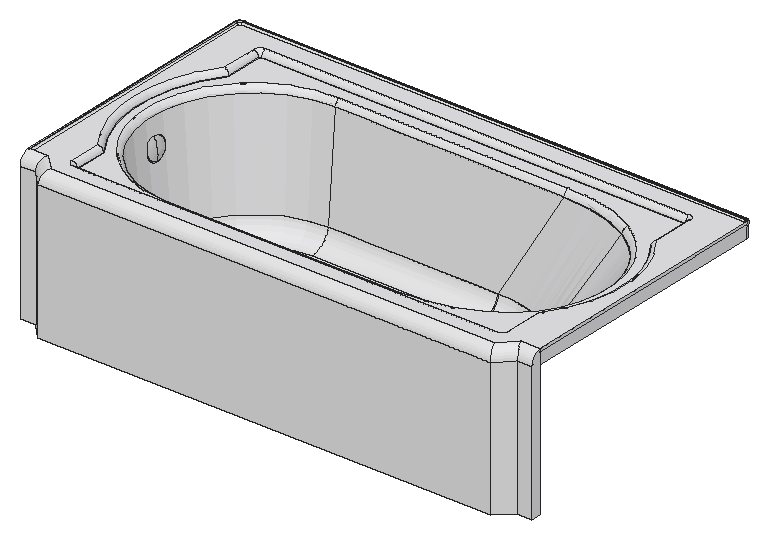
Revit family "Bath-Alcove-KOHLER-Memoirs-K-721", category Plumbing Fixtures, host Face, Revit 2015
Parameters (values of type "0-White")
  Width = 33 3/4"  # constant formula
  Waste Water Outlet = "Waste Water Outlet"  # constant formula
  Waste Connection = yes
  Vent Connection = no
  URL = "https://www.us.kohler.com/us/"
  Type = 1
  Product Page URL = "http://www.us.kohler.com/us/catalog/productDetails.jsp?productNumber=721"
  Product Name = "Memoirs"  # constant formula
  Product Documentation Link = "http://www.us.kohler.com/onlinecatalog/pdf/K-721_spec.pdf"
  Model = if(Type = 1, "K-721-0", if(Type = 2, "K-721-96", if(Type = 3, "K-721-47", if(Type = 4, "K-721-NY", if(Type = 5, "K-721-G9", "0")))))  # "K-721-0"
  Material = "Enameled cast iron"  # constant formula
  MasterFormat 2004 = "22.41.19"  # constant formula
  MasterFormat 1995 = "15410"  # constant formula
  Manufacturer Address = "444 Highland Dr, Kohler, WI 53044"  # constant formula
  Manufacturer = "KOHLER Co."  # constant formula
  Length = 60"  # constant formula
  Hot Water Inlet = "Hot Water Inlet"  # constant formula
  Height = 17 7/16"  # constant formula
  HW Connection = no
  Finish = Kohler-Enameled_Cast_Iron-0-White
  Environmental Product Declaration = ""
  Description = "60 inch x 32 inch alcove bath with left-hand drain"  # constant formula
  Default Elevation = 0"
  Declare Label = ""
  Date Modified = "01/17/2018"  # constant formula
  Date Created = "01/17/2018"  # constant formula
  Copyright = "Copyright KOHLER Co."  # constant formula
  Contact Us = "https://www.us.kohler.com/us/static/contact.jsp"
  Cold Water Inlet = "Cold Water Inlet"  # constant formula
  CW Connection = no
  Assembly Code = "D2010500"
  ADA = yes
Types (6): name | Type | Model | Finish
  (no name) | 1 | "K-721-0" | Kohler-Enameled_Cast_Iron-0-White
  0-White | 1 | "K-721-0" | Kohler-Enameled_Cast_Iron-0-White
  96-Biscuit | 2 | "K-721-96" | Kohler-Enameled_Cast_Iron-96-Biscuit
  47-Almond | 3 | "K-721-47" | Kohler-Enameled_Cast_Iron-47-Almond
  NY-Dune | 4 | "K-721-NY" | Kohler-Enameled_Cast_Iron-NY-Dune
  G9-Sandbar | 5 | "K-721-G9" | Kohler-Enameled_Cast_Iron-G9-Sandbar
Reference planes
  plane 1 "Center (Front/Back)": y = 0
  plane 2: z = 0
  plane 3 "Center (Left/Right)": x = 0
  plane 4: x = -762.095
  plane 5: x = 761.905
  plane 6: y = 427.207
  plane 7: y = -430.043
  plane 8: z = 442.912
Dimensions and locks
  "Length": plane 4 to plane 5
  "Width": plane 7 to plane 6
  "Height": plane 8 to level
  aligned and locked: plane 2 to host face
  aligned and locked: level to host face
Automatic sketch dimensions
  host sketch curve to host sketch curve = 96"  (x2)
Nested families
  nested 1: "K-721" at (0, 0, -0.187), type "K-721"
Connectors
  piping at (-527.05, 0, 26.924), diameter 50.8, driven by "Waste Connection", driven by "Waste Water Outlet"
    settings: on nested 1, index 1, connector inside diameter 24", connector length 0", flow factor 0, pipe flow 0 GPM, pressure drop 0.00 psi, fitting loss kfactor 0, connector angle 0.00°, fixture units 0, engagement length 0", angle of deflection 0.00°, flow configuration 0, flow direction 2, fitting loss method 0, system type 16, joint type 0, gender type 0, connector reference index -1, connector utility 1, adjustable connector no, is connector primary yes, connector description "Waste Water Outlet"
Definition of nested family "K-721"
  Parameters (values of type "K-721")
    Material = none
    Finish = none
  Reference planes
    plane 1 "Center (Front/Back)": y = 0
    plane 2: z = 0
    plane 3 "Center (Left/Right)": x = 0
    plane 4: z = 1943.1
    plane 5: z = 880.638
    plane 6: z = 413.638
    plane 7: z = 442.912
    plane 8: y = -429
    plane 9: y = 428.25
    plane 10: x = -762
    plane 11: x = 762
  Forms (mm)
    Blend 1, solid, material <- "Finish"
      base sketch origin (0, 0, 0) x (1, 0, 0) y (0, 1, 0)
        loop
          arc (-371.304, 278.535) -> (-649.842, -0.003) -> (-371.304, -278.541) r 278.538
          line (-371.304, -278.541) -> (135.482, -278.541)
          spline (135.482, -278.541) -> (154.884, -277.9) -> (174.279, -276.403) -> (193.583, -273.965) -> (212.712, -270.499) -> (231.579, -265.915) -> (250.097, -260.124) -> (268.166, -253.042) -> (285.645, -244.612) -> (302.389, -234.8) -> (318.256, -223.609) -> (333.084, -211.118) -> (346.816, -197.36)
          arc (346.816, -197.36) -> (423.576, -0.052) -> (346.886, 197.283) r 292.1
          spline (346.886, 197.283) -> (333.143, 211.053) -> (318.304, 223.553) -> (302.427, 234.752) -> (285.669, 244.573) -> (268.174, 253.011) -> (250.093, 260.098) -> (231.571, 265.892) -> (212.707, 270.476) -> (193.589, 273.944) -> (174.297, 276.387) -> (154.878, 277.889) -> (135.371, 278.535)
          line (135.371, 278.535) -> (-371.304, 278.535)
      top sketch origin (0, 0, 0) x (1, 0, 0) y (0, 1, 0)
        loop
          arc (565.793, -265.843) -> (716.118, 0) -> (565.793, 265.843) r 310.228
          spline (565.793, 265.843) -> (551.742, 273.756) -> (536.866, 281.088) -> (521.165, 287.839) -> (504.639, 294.01) -> (487.288, 299.6) -> (469.112, 304.608) -> (450.112, 309.036) -> (430.286, 312.883) -> (409.635, 316.149) -> (388.159, 318.834) -> (365.858, 320.939) -> (342.732, 322.462)
          line (342.732, 322.462) -> (-376.821, 322.462)
          arc (-376.821, 322.462) -> (-699.283, 0) -> (-376.821, -322.462) r 322.462
          line (-376.821, -322.462) -> (342.732, -322.462)
          spline (342.732, -322.462) -> (365.858, -320.939) -> (388.159, -318.834) -> (409.635, -316.149) -> (430.286, -312.883) -> (450.112, -309.036) -> (469.112, -304.608) -> (487.288, -299.6) -> (504.639, -294.01) -> (521.165, -287.839) -> (536.866, -281.088) -> (551.742, -273.756) -> (565.793, -265.843)
      from 93.615 to 398.281
    Blend 2, void
      base sketch origin (0, 0, 0) x (1, 0, 0) y (0, 1, 0)
        loop
          arc (342.135, -193.069) -> (417.226, -0.052) -> (342.205, 192.993) r 285.75
          spline (342.205, 192.993) -> (328.763, 206.454) -> (314.25, 218.661) -> (298.714, 229.59) -> (282.315, 239.164) -> (265.197, 247.381) -> (247.508, 254.275) -> (229.39, 259.906) -> (210.943, 264.358) -> (192.258, 267.724) -> (173.411, 270.092) -> (154.42, 271.553) -> (135.331, 272.185)
          line (135.331, 272.185) -> (-371.304, 272.185)
          arc (-371.304, 272.185) -> (-643.492, -0.003) -> (-371.304, -272.191) r 272.188
          line (-371.304, -272.191) -> (135.443, -272.191)
          spline (135.443, -272.191) -> (154.427, -271.566) -> (173.371, -270.114) -> (192.223, -267.749) -> (210.926, -264.384) -> (229.388, -259.931) -> (247.512, -254.301) -> (265.191, -247.411) -> (282.293, -239.202) -> (298.677, -229.637) -> (314.203, -218.716) -> (328.706, -206.518) -> (342.135, -193.069)
      top sketch origin (0, 0, 0) x (1, 0, 0) y (0, 1, 0)
        loop
          arc (520.381, 249.968) -> (417.305, 291.058) -> (307.031, 303.413) r 415.672
          line (307.031, 303.413) -> (-375.625, 303.115)
          arc (-375.625, 303.115) -> (-678.844, 6.522) -> (-389.294, -303.429) r 303.429
          line (-389.294, -303.429) -> (306.969, -303.429)
          arc (306.969, -303.429) -> (416.972, -289.86) -> (520.381, -249.968) r 452.692
          arc (520.381, -249.968) -> (666.437, 0) -> (520.381, 249.968) r 286.932
      from 93.615 to 398.281
    Extrusion 3, solid, material <- "Finish"
      sketch origin (0, 0, 0) x (1, 0, 0) y (0, 1, 0)
        loop
          arc (-375.625, 303.115) -> (-678.844, 6.522) -> (-389.294, -303.429) r 303.429
          line (-389.294, -303.429) -> (306.969, -303.429)
          arc (306.969, -303.429) -> (416.972, -289.86) -> (520.381, -249.968) r 452.692
          arc (520.381, -249.968) -> (666.437, 0) -> (520.381, 249.968) r 286.932
          arc (520.381, 249.968) -> (417.008, 289.872) -> (307.031, 303.413) r 451.769
          line (307.031, 303.413) -> (-375.625, 303.115)
        loop
          line (-640.445, 348.699) -> (-640.445, 237.058)
          arc (-640.445, 237.058) -> (-718.675, 5.335) -> (-640.641, -226.454) r 382.786
          line (-640.641, -226.454) -> (-640.641, -326.123)
          arc (-640.641, -326.123) -> (-638.89, -330.351) -> (-634.662, -332.102) r 5.979
          line (-634.662, -332.102) -> (623.328, -332.102)
          arc (623.328, -332.102) -> (629.345, -329.61) -> (631.837, -323.593) r 8.509
          line (631.837, -323.593) -> (631.837, -204.884)
          arc (631.837, -204.884) -> (706.015, 8.692) -> (630.364, 221.75) r 341.166
          line (630.364, 221.75) -> (630.364, 350.985)
          arc (630.364, 350.985) -> (629.282, 353.596) -> (626.67, 354.678) r 3.694
          line (626.67, 354.678) -> (-634.466, 354.678)
          arc (-634.466, 354.678) -> (-638.694, 352.927) -> (-640.445, 348.699) r 5.979
      from 398.281 to 416.813
    Sweep 4, solid, material <- "Finish"
      path origin (0, 0, 0) x (1, 0, 0) y (0, 1, 0)
        loop
          line (135.371, 278.535) -> (-371.304, 278.535)
          arc (-371.304, 278.535) -> (-649.842, -0.003) -> (-371.304, -278.541) r 278.538
          line (-371.304, -278.541) -> (135.482, -278.541)
          spline (135.482, -278.541) -> (158.113, -277.712) -> (179.832, -275.803) -> (200.638, -272.815) -> (220.53, -268.748) -> (239.511, -263.602) -> (257.578, -257.376) -> (274.733, -250.072) -> (290.975, -241.688) -> (306.304, -232.225) -> (320.721, -221.682) -> (334.225, -210.061) -> (346.816, -197.36)
          arc (346.816, -197.36) -> (423.576, -0.052) -> (346.886, 197.283) r 292.1
          spline (346.886, 197.283) -> (334.284, 209.995) -> (320.769, 221.627) -> (306.339, 232.178) -> (290.997, 241.65) -> (274.741, 250.041) -> (257.571, 257.352) -> (239.488, 263.583) -> (220.492, 268.733) -> (200.582, 272.804) -> (179.758, 275.794) -> (158.021, 277.705) -> (135.371, 278.535)
      profile origin (257.571, 257.352, 0) x (0.358592, 0.933494, 0) y (0, 0, 1)
        loop
          spline (-64.933, 35.235) -> (-59.071, 35.822) -> (-52.033, 37.521) -> (-44.295, 40.237) -> (-36.335, 43.876) -> (-28.628, 48.345) -> (-21.652, 53.55) -> (-15.735, 59.387) -> (-10.852, 65.731) -> (-6.919, 72.454) -> (-3.854, 79.428) -> (-1.575, 86.525) -> (0, 93.615)
          line (0, 93.615) -> (-6.35, 93.615)
          spline (-6.35, 93.615) -> (-7.542, 88.324) -> (-9.399, 82.526) -> (-11.982, 76.449) -> (-15.354, 70.324) -> (-19.577, 64.379) -> (-24.714, 58.844) -> (-30.751, 53.917) -> (-37.441, 49.699) -> (-44.494, 46.274) -> (-51.621, 43.725) -> (-58.531, 42.134) -> (-64.933, 41.585)
          line (-64.933, 41.585) -> (-93.111, 41.585) -> (-93.111, 35.235) -> (-64.933, 35.235)
    Extrusion 5, solid, material <- "Finish"
      sketch origin (0, 0, 0) x (1, 0, 0) y (0, 1, 0)
        loop
          spline (134.992, -185.43) -> (152.954, -184.742) -> (169.669, -183.247) -> (185.141, -181.003) -> (199.384, -178.07) -> (212.449, -174.509) -> (224.397, -170.379) -> (235.298, -165.73) -> (245.266, -160.573) -> (254.422, -154.908) -> (262.886, -148.719) -> (270.768, -141.93) -> (278.173, -134.449)
          arc (278.173, -134.449) -> (330.465, -0.052) -> (278.243, 134.372) r 198.989
          spline (278.243, 134.372) -> (270.827, 141.865) -> (262.934, 148.664) -> (254.457, 154.862) -> (245.288, 160.535) -> (235.307, 165.699) -> (224.391, 170.354) -> (212.427, 174.489) -> (199.345, 178.055) -> (185.085, 180.992) -> (169.596, 183.238) -> (152.863, 184.735) -> (134.881, 185.424)
          line (134.881, 185.424) -> (-371.304, 185.424)
          arc (-371.304, 185.424) -> (-556.731, -0.003) -> (-371.304, -185.43) r 185.427
          line (-371.304, -185.43) -> (134.992, -185.43)
      from 35.235 to 41.585
    Revolve 6, solid, material <- "Finish"
      sketch origin (0, 0, 0) x (1, 0, 0) y (0, 0, 1)
        loop
          line (-552.45, 21.917) -> (-552.45, 27.111) -> (-527.05, 27.111) -> (-527.05, 35.235) -> (-587.925, 35.235)
          arc (-587.925, 35.235) -> (-575.078, 30.809) -> (-564.008, 22.931) r 47.562
          arc (-564.008, 22.931) -> (-562.84, 22.18) -> (-561.477, 21.917) r 3.667
          line (-561.477, 21.917) -> (-552.45, 21.917)
        axis (-527.05, 35.235) -> (-527.05, 21.917)
      angle from 0 to 360
    Extrusion 7, solid, material <- "Finish"
      sketch origin (0, 0, 0) x (1, 0, 0) y (0, 1, 0)
        loop
          line (251.968, 103.616) -> (203.708, 103.616) -> (203.708, 154.527) -> (201.17, 154.527) -> (201.17, 103.616) -> (152.996, 103.616) -> (152.996, 154.527) -> (150.461, 154.527) -> (150.461, 103.616) -> (102.287, 103.616) -> (102.287, 154.527) -> (99.751, 154.527) -> (99.751, 103.616) -> (51.03, 103.616) -> (51.03, 154.527) -> (48.494, 154.527) -> (48.494, 103.616) -> (0.866, 103.616) -> (0.866, 154.527) -> (-1.67, 154.527) -> (-1.67, 103.616) -> (-49.844, 103.616) -> (-49.844, 154.527) -> (-52.38, 154.527) -> (-52.38, 103.616) -> (-101.101, 103.616) -> (-101.101, 154.527) -> (-103.637, 154.527) -> (-103.637, 103.616) -> (-151.265, 103.616) -> (-151.265, 154.527) -> (-153.801, 154.527) -> (-153.801, 103.616) -> (-201.975, 103.616) -> (-201.975, 154.527) -> (-204.511, 154.527) -> (-204.511, 103.616) -> (-253.232, 103.616) -> (-253.232, 154.527) -> (-255.768, 154.527) -> (-255.768, 103.616) -> (-303.396, 103.616) -> (-303.396, 154.527) -> (-305.932, 154.527) -> (-305.932, 103.616) -> (-354.106, 103.616) -> (-354.106, 154.527) -> (-356.642, 154.527) -> (-356.642, 103.616) -> (-405.363, 103.616) -> (-405.363, 154.527) -> (-407.899, 154.527) -> (-407.899, 103.616) -> (-455.527, 103.616) -> (-455.527, 100.208) -> (-407.899, 100.208) -> (-407.899, 52.702) -> (-455.527, 52.702) -> (-455.527, 49.293) -> (-407.899, 49.293) -> (-407.899, 2.367) -> (-455.527, 2.367) -> (-455.527, -1.042) -> (-407.899, -1.042) -> (-407.899, -50.113) -> (-455.527, -50.113) -> (-455.527, -53.521) -> (-407.899, -53.521) -> (-407.899, -99.983) -> (-455.527, -99.983) -> (-455.527, -103.391) -> (-407.899, -103.391) -> (-407.899, -152.986) -> (-405.363, -152.986) -> (-405.363, -103.391) -> (-356.642, -103.391) -> (-356.642, -152.986) -> (-354.106, -152.986) -> (-354.106, -103.391) -> (-305.932, -103.391) -> (-305.932, -152.986) -> (-303.396, -152.986) -> (-303.396, -103.391) -> (-255.768, -103.391) -> (-255.768, -152.986) -> (-253.232, -152.986) -> (-253.232, -103.391) -> (-204.511, -103.391) -> (-204.511, -152.986) -> (-201.975, -152.986) -> (-201.975, -103.391) -> (-153.801, -103.391) -> (-153.801, -152.986) -> (-151.265, -152.986) -> (-151.265, -103.391) -> (-103.637, -103.391) -> (-103.637, -152.986) -> (-101.101, -152.986) -> (-101.101, -103.391) -> (-52.38, -103.391) -> (-52.38, -152.986) -> (-49.844, -152.986) -> (-49.844, -103.391) -> (-1.67, -103.391) -> (-1.67, -152.986) -> (0.866, -152.986) -> (0.866, -103.391) -> (48.494, -103.391) -> (48.494, -152.986) -> (51.03, -152.986) -> (51.03, -103.391) -> (99.751, -103.391) -> (99.751, -152.986) -> (102.287, -152.986) -> (102.287, -103.391) -> (150.461, -103.391) -> (150.461, -152.986) -> (152.996, -152.986) -> (152.996, -103.391) -> (201.17, -103.391) -> (201.17, -152.986) -> (203.708, -152.986) -> (203.708, -103.391) -> (251.968, -103.391) -> (251.968, -152.986) -> (254.6, -152.986) -> (254.6, -102.346) -> (297.859, -102.346) -> (297.859, -99.983) -> (254.6, -99.983) -> (254.6, -52.835) -> (297.859, -52.835) -> (297.859, -50.113) -> (254.6, -50.113) -> (254.6, -0.261) -> (297.859, -0.261) -> (297.859, 2.367) -> (254.6, 2.367) -> (254.6, 49.981) -> (297.859, 49.981) -> (297.859, 52.702) -> (254.6, 52.702) -> (254.6, 100.982) -> (297.859, 100.982) -> (297.859, 103.616) -> (254.6, 103.616) -> (254.6, 154.527) -> (251.968, 154.527) -> (251.968, 103.616)
        loop
          line (251.968, 52.702) -> (251.968, 100.208) -> (203.708, 100.208) -> (203.708, 52.702) -> (251.968, 52.702)
        loop
          line (251.968, 2.367) -> (251.968, 49.293) -> (203.708, 49.293) -> (203.708, 2.367) -> (251.968, 2.367)
        loop
          line (251.968, -50.113) -> (251.968, -1.042) -> (203.708, -1.042) -> (203.708, -50.113) -> (251.968, -50.113)
        loop
          line (251.968, -99.983) -> (251.968, -53.521) -> (203.708, -53.521) -> (203.708, -99.983) -> (251.968, -99.983)
        loop
          line (201.17, 100.208) -> (152.996, 100.208) -> (152.996, 52.702) -> (201.17, 52.702) -> (201.17, 100.208)
        loop
          line (201.17, 49.293) -> (152.996, 49.293) -> (152.996, 2.367) -> (201.17, 2.367) -> (201.17, 49.293)
        loop
          line (201.17, -1.042) -> (152.996, -1.042) -> (152.996, -50.113) -> (201.17, -50.113) -> (201.17, -1.042)
        loop
          line (201.17, -53.521) -> (152.996, -53.521) -> (152.996, -99.983) -> (201.17, -99.983) -> (201.17, -53.521)
        loop
          line (150.461, -99.983) -> (150.461, -53.521) -> (102.287, -53.521) -> (102.287, -99.983) -> (150.461, -99.983)
        loop
          line (150.461, -50.113) -> (150.461, -1.042) -> (102.287, -1.042) -> (102.287, -50.113) -> (150.461, -50.113)
        loop
          line (150.461, 2.367) -> (150.461, 49.293) -> (102.287, 49.293) -> (102.287, 2.367) -> (150.461, 2.367)
        loop
          line (150.461, 52.702) -> (150.461, 100.208) -> (102.287, 100.208) -> (102.287, 52.702) -> (150.461, 52.702)
        loop
          line (99.751, 100.208) -> (51.03, 100.208) -> (51.03, 52.702) -> (99.751, 52.702) -> (99.751, 100.208)
        loop
          line (99.751, 49.293) -> (51.03, 49.293) -> (51.03, 2.367) -> (99.751, 2.367) -> (99.751, 49.293)
        loop
          line (99.751, -1.042) -> (51.03, -1.042) -> (51.03, -50.113) -> (99.751, -50.113) -> (99.751, -1.042)
        loop
          line (99.751, -53.521) -> (51.03, -53.521) -> (51.03, -99.983) -> (99.751, -99.983) -> (99.751, -53.521)
        loop
          line (48.494, -99.983) -> (48.494, -53.521) -> (0.866, -53.521) -> (0.866, -99.983) -> (48.494, -99.983)
        loop
          line (48.494, -50.113) -> (48.494, -1.042) -> (0.866, -1.042) -> (0.866, -50.113) -> (48.494, -50.113)
        loop
          line (48.494, 2.367) -> (48.494, 49.293) -> (0.866, 49.293) -> (0.866, 2.367) -> (48.494, 2.367)
        loop
          line (48.494, 52.702) -> (48.494, 100.208) -> (0.866, 100.208) -> (0.866, 52.702) -> (48.494, 52.702)
        loop
          line (-1.67, -99.983) -> (-1.67, -53.521) -> (-49.844, -53.521) -> (-49.844, -99.983) -> (-1.67, -99.983)
        loop
          line (-1.67, -50.113) -> (-1.67, -1.042) -> (-49.844, -1.042) -> (-49.844, -50.113) -> (-1.67, -50.113)
        loop
          line (-1.67, 2.367) -> (-1.67, 49.293) -> (-49.844, 49.293) -> (-49.844, 2.367) -> (-1.67, 2.367)
        loop
          line (-1.67, 52.702) -> (-1.67, 100.208) -> (-49.844, 100.208) -> (-49.844, 52.702) -> (-1.67, 52.702)
        loop
          line (-52.38, 100.208) -> (-101.101, 100.208) -> (-101.101, 52.702) -> (-52.38, 52.702) -> (-52.38, 100.208)
        loop
          line (-52.38, 49.293) -> (-101.101, 49.293) -> (-101.101, 2.367) -> (-52.38, 2.367) -> (-52.38, 49.293)
        loop
          line (-52.38, -1.042) -> (-101.101, -1.042) -> (-101.101, -50.113) -> (-52.38, -50.113) -> (-52.38, -1.042)
        loop
          line (-52.38, -53.521) -> (-101.101, -53.521) -> (-101.101, -99.983) -> (-52.38, -99.983) -> (-52.38, -53.521)
        loop
          line (-103.637, -99.983) -> (-103.637, -53.521) -> (-151.265, -53.521) -> (-151.265, -99.983) -> (-103.637, -99.983)
        loop
          line (-103.637, -50.113) -> (-103.637, -1.042) -> (-151.265, -1.042) -> (-151.265, -50.113) -> (-103.637, -50.113)
        loop
          line (-103.637, 2.367) -> (-103.637, 49.293) -> (-151.265, 49.293) -> (-151.265, 2.367) -> (-103.637, 2.367)
        loop
          line (-103.637, 52.702) -> (-103.637, 100.208) -> (-151.265, 100.208) -> (-151.265, 52.702) -> (-103.637, 52.702)
        loop
          line (-153.801, -99.983) -> (-153.801, -53.521) -> (-201.975, -53.521) -> (-201.975, -99.983) -> (-153.801, -99.983)
        loop
          line (-153.801, -50.113) -> (-153.801, -1.042) -> (-201.975, -1.042) -> (-201.975, -50.113) -> (-153.801, -50.113)
        loop
          line (-153.801, 2.367) -> (-153.801, 49.293) -> (-201.975, 49.293) -> (-201.975, 2.367) -> (-153.801, 2.367)
        loop
          line (-153.801, 52.702) -> (-153.801, 100.208) -> (-201.975, 100.208) -> (-201.975, 52.702) -> (-153.801, 52.702)
        loop
          line (-204.511, 100.208) -> (-253.232, 100.208) -> (-253.232, 52.702) -> (-204.511, 52.702) -> (-204.511, 100.208)
        loop
          line (-204.511, 49.293) -> (-253.232, 49.293) -> (-253.232, 2.367) -> (-204.511, 2.367) -> (-204.511, 49.293)
        loop
          line (-204.511, -1.042) -> (-253.232, -1.042) -> (-253.232, -50.113) -> (-204.511, -50.113) -> (-204.511, -1.042)
        loop
          line (-204.511, -53.521) -> (-253.232, -53.521) -> (-253.232, -99.983) -> (-204.511, -99.983) -> (-204.511, -53.521)
        loop
          line (-255.768, -99.983) -> (-255.768, -53.521) -> (-303.396, -53.521) -> (-303.396, -99.983) -> (-255.768, -99.983)
        loop
          line (-255.768, -50.113) -> (-255.768, -1.042) -> (-303.396, -1.042) -> (-303.396, -50.113) -> (-255.768, -50.113)
        loop
          line (-255.768, 2.367) -> (-255.768, 49.293) -> (-303.396, 49.293) -> (-303.396, 2.367) -> (-255.768, 2.367)
        loop
          line (-255.768, 52.702) -> (-255.768, 100.208) -> (-303.396, 100.208) -> (-303.396, 52.702) -> (-255.768, 52.702)
        loop
          line (-305.932, -99.983) -> (-305.932, -53.521) -> (-354.106, -53.521) -> (-354.106, -99.983) -> (-305.932, -99.983)
        loop
          line (-305.932, -50.113) -> (-305.932, -1.042) -> (-354.106, -1.042) -> (-354.106, -50.113) -> (-305.932, -50.113)
        loop
          line (-305.932, 2.367) -> (-305.932, 49.293) -> (-354.106, 49.293) -> (-354.106, 2.367) -> (-305.932, 2.367)
        loop
          line (-305.932, 52.702) -> (-305.932, 100.208) -> (-354.106, 100.208) -> (-354.106, 52.702) -> (-305.932, 52.702)
        loop
          line (-356.642, 100.208) -> (-405.363, 100.208) -> (-405.363, 52.702) -> (-356.642, 52.702) -> (-356.642, 100.208)
        loop
          line (-356.642, 49.293) -> (-405.363, 49.293) -> (-405.363, 2.367) -> (-356.642, 2.367) -> (-356.642, 49.293)
        loop
          line (-356.642, -1.042) -> (-405.363, -1.042) -> (-405.363, -50.113) -> (-356.642, -50.113) -> (-356.642, -1.042)
        loop
          line (-356.642, -53.521) -> (-405.363, -53.521) -> (-405.363, -99.983) -> (-356.642, -99.983) -> (-356.642, -53.521)
      from 0 to 35.235
    Revolve 8, solid
      sketch origin (0, 0, 0) x (1, 0, 0) y (0, 0, 1)
        loop
          line (-527.05, 35.235) -> (-527.05, 47.226)
          arc (-527.05, 47.226) -> (-543.432, 46.229) -> (-559.572, 43.252) r 135.047
          arc (-559.572, 43.252) -> (-559.926, 42.737) -> (-559.458, 42.323) r 0.472
          line (-559.458, 42.323) -> (-531.361, 42.323) -> (-531.361, 35.235) -> (-527.05, 35.235)
        axis (-527.05, 47.226) -> (-527.05, 35.235)
      angle from 0 to 360
    Revolve 9, solid
      sketch origin (3.969, 0, 0) x (1, 0, 0) y (0, 0, 1)
        loop
          line (-684.96, 318.528) -> (-666.245, 321.828)
          arc (-666.245, 321.828) -> (-670.434, 338.537) -> (-676.951, 354.483) r 121.192
          arc (-676.951, 354.483) -> (-677.651, 355.19) -> (-678.635, 355.336) r 1.574
          line (-678.635, 355.336) -> (-683.733, 354.437) -> (-678.219, 323.169) -> (-685.55, 321.877) -> (-684.96, 318.528)
        axis (-666.245, 321.828) -> (-684.96, 318.528)
      angle from 0 to 360
    Extrusion 10, void
      sketch origin (0, 0, 0) x (1, 0, 0) y (0, 0, 1)
        loop
          arc (297.859, 31.75) -> (288.56, 9.299) -> (266.109, 0) r 31.75
          line (266.109, 0) -> (243.808, 0) -> (243.808, -17.76) -> (316.909, -17.76) -> (316.909, 35.235) -> (297.859, 35.235) -> (297.859, 31.75)
        loop
          arc (-423.777, 0) -> (-446.227, 9.299) -> (-455.527, 31.75) r 31.75
          line (-455.527, 31.75) -> (-455.527, 35.235) -> (-478.537, 35.235) -> (-478.537, -24.021) -> (-389.637, -24.021) -> (-389.637, 0) -> (-423.777, 0)
      from -214.922 to 206.59
    Extrusion 11, void
      sketch origin (0, 0, 0) x (0, 1, 0) y (0, 0, 1)
        loop
          arc (154.527, 31.75) -> (145.227, 9.299) -> (122.777, 0) r 31.75
          line (122.777, 0) -> (110.077, 0) -> (110.077, -21.915) -> (179.927, -21.915) -> (179.927, 35.235) -> (154.527, 35.235) -> (154.527, 31.75)
        loop
          line (-178.386, 35.235) -> (-178.386, -21.915) -> (-108.536, -21.915) -> (-108.536, 0) -> (-121.236, 0)
          arc (-121.236, 0) -> (-143.686, 9.299) -> (-152.986, 31.75) r 31.75
          line (-152.986, 31.75) -> (-152.986, 35.235) -> (-178.386, 35.235)
      from -465.625 to 304.8
    Extrusion 12, solid, material <- "Finish"
      sketch origin (0, 0, 0) x (1, 0, 0) y (0, 1, 0)
        loop
          line (251.968, -99.983) -> (251.968, -53.521) -> (203.708, -53.521) -> (203.708, -99.983) -> (251.968, -99.983)
        loop
          line (251.968, 52.702) -> (251.968, 100.208) -> (203.708, 100.208) -> (203.708, 52.702) -> (251.968, 52.702)
        loop
          line (-305.932, -99.983) -> (-305.932, -53.521) -> (-354.106, -53.521) -> (-354.106, -99.983) -> (-305.932, -99.983)
        loop
          line (-305.932, 52.702) -> (-305.932, 100.208) -> (-354.106, 100.208) -> (-354.106, 52.702) -> (-305.932, 52.702)
      from 0 to 35.235
    Sweep 13, solid, material <- "Finish"
      path origin (0, 0, 25.4) x (1, 0, 0) y (0, 1, 0)
        loop
          line (762, -354.947) -> (762, 415.55)
          arc (762, 415.55) -> (758.28, 424.53) -> (749.3, 428.25) r 12.7
          line (749.3, 428.25) -> (-749.3, 428.25)
          arc (-749.3, 428.25) -> (-758.28, 424.53) -> (-762, 415.55) r 12.7
          line (-762, 415.55) -> (-762, -354.947)
      profile origin (762, 30.301, 25.4) x (-1, -0.000001, 0) y (0, 0, 1)
        loop
          line (2.749, 414.355) -> (2.545, 416.013)
          arc (2.545, 416.013) -> (2.262, 416.55) -> (1.694, 416.766) r 0.857
          line (1.694, 416.766) -> (0, 416.766) -> (0, 408.568) -> (6.265, 408.568)
          arc (6.265, 408.568) -> (3.884, 411.083) -> (2.749, 414.355) r 8.234
    Extrusion 14, solid, material <- "Finish"
      sketch origin (0, 0, 25.4) x (1, 0, 0) y (0, 1, 0)
        loop
          line (-640.445, 348.699) -> (-640.445, 237.058)
          arc (-640.445, 237.058) -> (-718.675, 5.335) -> (-640.641, -226.454) r 382.786
          line (-640.641, -226.454) -> (-640.641, -326.123)
          arc (-640.641, -326.123) -> (-638.89, -330.351) -> (-634.662, -332.102) r 5.979
          line (-634.662, -332.102) -> (623.328, -332.102)
          arc (623.328, -332.102) -> (629.345, -329.61) -> (631.837, -323.593) r 8.509
          line (631.837, -323.593) -> (631.837, -204.884)
          arc (631.837, -204.884) -> (706.015, 8.692) -> (630.364, 221.75) r 341.166
          line (630.364, 221.75) -> (630.364, 350.985)
          arc (630.364, 350.985) -> (629.282, 353.596) -> (626.67, 354.678) r 3.694
          line (626.67, 354.678) -> (-634.466, 354.678)
          arc (-634.466, 354.678) -> (-638.694, 352.927) -> (-640.445, 348.699) r 5.979
        loop
          arc (762, 415.513) -> (758.27, 424.519) -> (749.264, 428.25) r 12.736
          line (749.264, 428.25) -> (-749.436, 428.25)
          arc (-749.436, 428.25) -> (-758.32, 424.57) -> (-762, 415.686) r 12.563
          line (-762, 415.686) -> (-762, -354.947) -> (-704.686, -354.947) -> (-661.07, -398.563) -> (661.069, -398.563) -> (704.684, -354.947) -> (762, -354.947) -> (762, 415.513)
      from 372.881 to 408.568
    Sweep 15, void
      path origin (-4.835, -3.819, 22.798) x (1, 0, 0) y (0, 1, 0)
        loop
          line (-629.827, -347.704) -> (628.163, -347.704)
          arc (628.163, -347.704) -> (647.913, -339.523) -> (656.093, -319.774) r 27.93
          line (656.093, -319.774) -> (656.093, -207.742)
          arc (656.093, -207.742) -> (730.271, 12.54) -> (654.62, 232.321) r 360.587
          line (654.62, 232.321) -> (654.62, 354.804)
          arc (654.62, 354.804) -> (647.85, 371.148) -> (631.505, 377.918) r 23.115
          line (631.505, 377.918) -> (-629.631, 377.918)
          arc (-629.631, 377.918) -> (-647.591, 370.479) -> (-655.031, 352.518) r 25.4
          line (-655.031, 352.518) -> (-655.031, 247.339)
          arc (-655.031, 247.339) -> (-733.26, 9.158) -> (-655.227, -229.087) r 402.207
          line (-655.227, -229.087) -> (-655.227, -322.304)
          arc (-655.227, -322.304) -> (-647.787, -340.264) -> (-629.827, -347.704) r 25.4
      profile origin (-5.667, -351.523, 22.798) x (0, 1, 0) y (0, 0, 1)
        loop
          line (19.421, 412.448) -> (-2.196, 412.448)
          arc (-2.196, 412.448) -> (12.008, 407.214) -> (19.421, 394.015) r 21.892
          line (19.421, 394.015) -> (19.421, 412.448)
    Sweep 16, solid, material <- "Finish"
      path origin (0, -42.067, 416.813) x (1, 0, 0) y (0, 1, 0)
        loop
          line (-762, -340.059) -> (-715.943, -340.059) -> (-672.328, -383.674) -> (672.326, -383.674) -> (715.942, -340.059) -> (762, -340.059)
      profile origin (-0.001, -425.741, 416.813) x (0, 1, 0) y (0, 0, 1)
        loop
          line (27.178, -416.813) -> (27.178, 25.09)
          arc (27.178, 25.09) -> (6.226, 12.429) -> (-3.26, -10.138) r 39.549
          line (-3.26, -10.138) -> (-3.26, -416.813) -> (27.178, -416.813)
    Sweep 17, void
      path origin (0, 0, 416.813) x (1, 0, 0) y (0, 1, 0)
        loop
          arc (-375.625, 303.115) -> (-678.844, 6.522) -> (-389.294, -303.429) r 303.429
          line (-389.294, -303.429) -> (306.969, -303.429)
          arc (306.969, -303.429) -> (416.972, -289.86) -> (520.381, -249.968) r 452.692
          arc (520.381, -249.968) -> (666.437, 0) -> (520.381, 249.968) r 286.932
          arc (520.381, 249.968) -> (417.305, 291.058) -> (307.031, 303.413) r 415.672
          line (307.031, 303.413) -> (-375.625, 303.115)
      profile origin (-34.297, 303.264, 416.813) x (-0.000438, 1, 0) y (0, 0, 1)
        loop
          arc (-1.308, -27.909) -> (3.57, -10.688) -> (17.053, 1.084) r 31.454
          line (17.053, 1.084) -> (-4.58, 1.084) -> (-4.58, -27.909) -> (-1.308, -27.909)
  Cuts and joins
    Sweep 17 cuts Extrusion 3
    Sweep 17 cuts Extrusion 5
    Sweep 17 cuts Revolve 6
    Extrusion 10, Extrusion 11, Sweep 17 cuts Extrusion 7
    joined: Extrusion 3, Extrusion 5, Revolve 6, Extrusion 7
    joined: Revolve 8, Revolve 9
    Blend 2, Sweep 15 cuts Blend 1
    Sweep 15 cuts Extrusion 14
  Lines and regions (mm)
    Masking region 1
      outline origin (0, 0, 0) x (0, 1, 0) y (0, 0, 1)
        loop
          line (-354.947, 398.281) -> (-330.698, 398.281) -> (-278.535, 93.615)
          arc (-278.535, 93.615) -> (-256.212, 53.142) -> (-213.601, 35.235) r 70.402
          line (-213.601, 35.235) -> (-152.986, 35.235) -> (-152.986, 31.75)
          arc (-152.986, 31.75) -> (-143.686, 9.299) -> (-121.236, 0) r 31.75
          line (-121.236, 0) -> (122.777, 0)
          arc (122.777, 0) -> (145.227, 9.299) -> (154.527, 31.75) r 31.75
          line (154.527, 31.75) -> (154.527, 35.235) -> (213.601, 35.235)
          arc (213.601, 35.235) -> (256.212, 53.142) -> (278.535, 93.615) r 70.402
          line (278.535, 93.615) -> (330.698, 398.281) -> (428.25, 398.281) -> (428.25, 442.166) -> (-397.351, 442.166)
          arc (-397.351, 442.166) -> (-419.105, 429.708) -> (-429, 406.675) r 39.549
          line (-429, 406.675) -> (-429, 0) -> (-354.947, 0) -> (-354.947, 398.281)
    Masking region 2
      outline origin (0, 0, 0) x (1, 0, 0) y (0, 1, 0)
        loop
          line (749.3, 428.25) -> (-749.3, 428.25)
          arc (-749.3, 428.25) -> (-758.28, 424.53) -> (-762, 415.55) r 12.7
          line (-762, 415.55) -> (-762, -385.385) -> (-717.293, -385.385) -> (-673.678, -429) -> (673.677, -429) -> (717.292, -385.385) -> (762, -385.385) -> (762, 415.55)
          arc (762, 415.55) -> (758.28, 424.53) -> (749.3, 428.25) r 12.7
    Masking region 3
      outline origin (0, 0, 0) x (1, 0, 0) y (0, 0, 1)
        loop
          line (-762, 442.166) -> (-762, 0) -> (762, 0) -> (762, 442.166) -> (-762, 442.166)
    symbolic lines, detail levels medium+fine
      curve 1: line (-762, 0, 378.41) -> (762, 0, 378.41)
      curve 2: line (0, 152.49, 35.235) -> (0, -152.191, 35.235)
      curve 3: line (0, 103.616, 0) -> (0, 103.616, 35.235)
      curve 4: line (0, 100.208, 35.235) -> (0, 100.208, 0)
      curve 5: line (0, 49.293, 35.235) -> (0, 49.293, 0)
      curve 6: line (0, 52.702, 0) -> (0, 52.702, 35.235)
      curve 7: line (0, 2.367, 0) -> (0, 2.367, 35.235)
      curve 8: line (0, -1.042, 35.235) -> (0, -1.042, 0)
      curve 9: line (0, -50.113, 0) -> (0, -50.113, 35.235)
      curve 10: line (0, -53.521, 35.235) -> (0, -53.521, 0)
      curve 11: line (0, -99.983, 0) -> (0, -99.983, 35.235)
      curve 12: line (0, -103.391, 35.235) -> (0, -103.391, 0)
      curve 13: spline (-677.629, -35.15, 0) -> (-678.426, -34.85, 0) -> (-679.209, -33.953, 0) -> (-679.965, -32.475, 0) -> (-680.681, -30.441, 0) -> (-681.345, -27.887, 0) -> (-681.945, -24.855, 0) -> (-682.471, -21.398, 0) -> (-682.915, -17.575, 0) -> (-683.268, -13.451, 0) -> (-683.525, -9.098, 0) -> (-683.681, -4.588, 0) -> (-683.733, 0, 0)
      curve 14: spline (-683.733, 0, 0) -> (-683.681, 4.588, 0) -> (-683.525, 9.098, 0) -> (-683.268, 13.451, 0) -> (-682.915, 17.575, 0) -> (-682.471, 21.398, 0) -> (-681.945, 24.855, 0) -> (-681.345, 27.887, 0) -> (-680.681, 30.441, 0) -> (-679.965, 32.475, 0) -> (-679.209, 33.953, 0) -> (-678.426, 34.85, 0) -> (-677.629, 35.15, 0)
      curve 15: circle (-527.066, 0, 0) r 27.23 normal (0, 0, 1)
      curve 16: line (-677.629, 35.15, 0) -> (-672.358, 35.15, 0)
      curve 17: line (-677.629, -35.15, 0) -> (-672.358, -35.15, 0)
      curve 18: spline (-666.254, 0, 0) -> (-666.306, -4.588, 0) -> (-666.462, -9.098, 0) -> (-666.719, -13.451, 0) -> (-667.072, -17.575, 0) -> (-667.516, -21.398, 0) -> (-668.042, -24.855, 0) -> (-668.642, -27.887, 0) -> (-669.306, -30.441, 0) -> (-670.022, -32.475, 0) -> (-670.778, -33.953, 0) -> (-671.561, -34.85, 0) -> (-672.358, -35.15, 0)
      curve 19: spline (-672.358, 35.15, 0) -> (-671.561, 34.85, 0) -> (-670.778, 33.953, 0) -> (-670.022, 32.475, 0) -> (-669.306, 30.441, 0) -> (-668.642, 27.887, 0) -> (-668.042, 24.855, 0) -> (-667.516, 21.398, 0) -> (-667.072, 17.575, 0) -> (-666.719, 13.451, 0) -> (-666.462, 9.098, 0) -> (-666.306, 4.588, 0) -> (-666.254, 0, 0)
      curve 20: line (0, -354.947, 398.281) -> (0, 358.775, 398.281)
      curve 21: line (-752.492, 415.812, 0) -> (-752.492, -354.947, 0)
      curve 22: line (650.659, -211.358, 0) -> (650.659, -323.593, 0)
      curve 23: arc (650.659, -323.593, 0) -> (642.654, -342.918, 0) -> (623.328, -350.923, 0) r 27.331
      curve 24: line (623.328, -350.923, 0) -> (-634.662, -350.923, 0)
      curve 25: arc (-634.662, -350.923, 0) -> (-652.199, -343.659, 0) -> (-659.463, -326.123, 0) r 24.801
      curve 26: line (-659.463, -326.123, 0) -> (-659.463, -232.71, 0)
      curve 27: arc (-659.463, -232.71, 0) -> (-737.496, 5.338, 0) -> (-659.267, 243.323, 0) r 401.607
      curve 28: line (-659.267, 243.323, 0) -> (-659.267, 348.699, 0)
      curve 29: arc (-659.267, 348.699, 0) -> (-652.003, 366.236, 0) -> (-634.466, 373.5, 0) r 24.801
      curve 30: line (-634.466, 373.5, 0) -> (626.67, 373.5, 0)
      curve 31: arc (626.67, 373.5, 0) -> (642.591, 366.905, 0) -> (649.185, 350.985, 0) r 22.515
      curve 32: line (649.185, 350.985, 0) -> (649.185, 228.296, 0)
      curve 33: arc (649.185, 228.296, 0) -> (724.836, 8.72, 0) -> (650.659, -211.358, 0) r 359.988
      curve 34: line (631.837, -323.593, 0) -> (631.837, -204.884, 0)
      curve 35: arc (631.837, -204.884, 0) -> (706.015, 8.692, 0) -> (630.364, 221.75, 0) r 341.166
      curve 36: line (630.364, 221.75, 0) -> (630.364, 350.985, 0)
      curve 37: arc (630.364, 350.985, 0) -> (629.282, 353.596, 0) -> (626.67, 354.678, 0) r 3.694
      curve 38: line (626.67, 354.678, 0) -> (-634.466, 354.678, 0)
      curve 39: arc (-634.466, 354.678, 0) -> (-638.694, 352.927, 0) -> (-640.445, 348.699, 0) r 5.979
      curve 40: line (-640.445, 348.699, 0) -> (-640.445, 237.058, 0)
      curve 41: arc (-640.445, 237.058, 0) -> (-718.675, 5.335, 0) -> (-640.641, -226.454, 0) r 382.786
      curve 42: line (-640.641, -226.454, 0) -> (-640.641, -326.123, 0)
      curve 43: arc (-640.641, -326.123, 0) -> (-638.89, -330.351, 0) -> (-634.662, -332.102, 0) r 5.979
      curve 44: line (-634.662, -332.102, 0) -> (623.328, -332.102, 0)
      curve 45: arc (623.328, -332.102, 0) -> (629.345, -329.61, 0) -> (631.837, -323.593, 0) r 8.509
      curve 46: arc (-371.304, 185.424, 0) -> (-556.731, -0.003, 0) -> (-371.304, -185.43, 0) r 185.427
      curve 47: line (134.881, 185.424, 0) -> (-371.304, 185.424, 0)
      curve 48: line (-371.304, -185.43, 0) -> (134.992, -185.43, 0)
      curve 49: line (278.243, 134.372, 0) -> (134.881, 185.424, 0)
      curve 50: arc (278.173, -134.449, 0) -> (330.465, -0.052, 0) -> (278.243, 134.372, 0) r 198.989
      curve 51: line (134.992, -185.43, 0) -> (278.173, -134.449, 0)
      curve 52: arc (-389.629, -318.334, 0) -> (-693.749, 6.686, 0) -> (-375.632, 318.019, 0) r 318.334
      curve 53: line (-375.632, 318.019, 0) -> (306.863, 318.318, 0)
      curve 54: arc (527.699, 262.952, 0) -> (681.342, -0.083, 0) -> (527.554, -263.034, 0) r 301.837
      curve 55: arc (306.863, 318.318, 0) -> (421.007, 305.496, 0) -> (527.699, 262.952, 0) r 430.577
      curve 56: arc (527.554, -263.034, 0) -> (420.674, -304.298, 0) -> (306.969, -318.334, 0) r 467.597
      curve 57: line (306.969, -318.334, 0) -> (-389.629, -318.334, 0)
      curve 58: line (749.742, 418.828, 0) -> (-749.476, 418.828, 0)
      curve 59: line (752.578, 415.992, 0) -> (752.579, -354.947, 0)
      curve 60: line (704.684, -354.947, 0) -> (661.069, -398.563, 0)
      curve 61: line (-661.07, -398.563, 0) -> (-704.686, -354.947, 0)
      curve 62: arc (-749.476, 418.828, 0) -> (-751.609, 417.945, 0) -> (-752.492, 415.812, 0) r 3.016
      curve 63: arc (749.742, 418.828, 0) -> (751.747, 417.997, 0) -> (752.578, 415.992, 0) r 2.836
      curve 64: line (752.579, -354.947, 0) -> (704.684, -354.947, 0)
      curve 65: line (661.069, -398.563, 0) -> (-661.07, -398.563, 0)
      curve 66: line (-704.686, -354.947, 0) -> (-752.492, -354.947, 0)
      curve 67: line (0, -398.563, 398.281) -> (0, -398.563, 0)
      curve 68: line (0, -385.385, 0) -> (0, -385.385, 398.281)
      curve 69: arc (0, -385.191, 398.281) -> (0, -378.475, 425.92) -> (0, -354.947, 441.903) r 39.549
      curve 70: line (0, -385.191, 398.281) -> (0, -429, 398.281)
  Dimensions and locks
    Masking region 2 to Masking region 2 = 59.99997"
    plane 8 to plane 9 = 33 3/4"
    plane 7 to level = 17 7/16"
    aligned and locked: plane 2 to level
